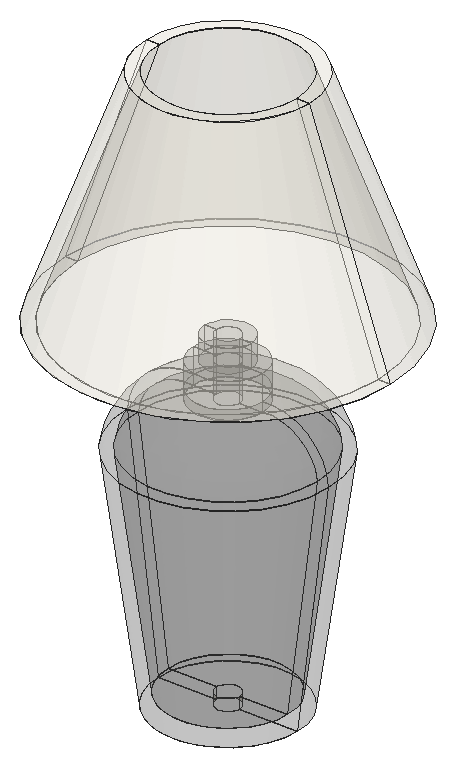
Revit family "M_Abajur de mesa - Padrão", category Luminárias, Revit 2019
Family settings
  Cota do conector redondo = Utilizar diâmetro
  Tipo de parte = Normal
  Número OmniClass = 23.80.70.11.11
  Título OmniClass = General Luminaries, Non Directional
  ID de item do Seek = Table Lamp - Standard-0000-CAN-ENU
  Com base no plano de trabalho = Não
  Sempre na vertical = Sim
  Corte com vazios quando carregada = Não
  Fonte luminosa = Sim
  Compartilhado = Não
  Ponto de cálculo do ambiente = Não
Parameters (values of type "100W - 120V")
  Wattage = 100 W
  built-in parameter 1150110 = 1 (stored number, unit not read)
  built-in parameter 1114217 = 1 (stored number, unit not read)
  built-in parameter 1150109 = 1 (stored number, unit not read)
  built-in parameter 1150134 = 4
  built-in parameter 1150113 = 1 (stored number, unit not read)
  Tilt Angle = 90.00°
  Arquivo de rede fotométrica = "TLAE1A21.ies"
  built-in parameter 1150115 = 1 (stored number, unit not read)
  built-in parameter 1150105 = 95.493 (stored number, unit not read)
  Classificação de carga = Iluminação - Unidade de interrupção
  built-in parameter 1150137 = 1
  built-in parameter 1150139 = (empty or 0)
  built-in parameter 1150112 = 1 (stored number, unit not read)
  built-in parameter 1150114 = 1 (stored number, unit not read)
  built-in parameter 1150132 = (empty or 0)
  built-in parameter 1150102 = (empty or 0)
  built-in parameter 1150138 = (empty or 0)
  built-in parameter 1150107 = 2800 (stored number, unit not read)
  built-in parameter 1150106 = 0.95493 (stored number, unit not read)
  built-in parameter 1150104 = 1.1148 (stored number, unit not read)
  Dimming Lamp Color Temperature Shift = (empty or 0)
  Color Filter = 16777215
  built-in parameter 1140040 [instance] = 1
  Voltagem do transformador = 120 V
  Transformador por número de postes = 1
  built-in parameter 1114218 = 1 (stored number, unit not read)
  built-in parameter 1150133 = 10 (stored number, unit not read)
  Código de montagem = "D5020220"
  Material base = Plástico, Preto Opaco
  Lâmpada = "R-30"
  Lumens = 1200 lm
  Material de sombra = Vidro, Jateado
  Wattage Comments = ""
  Carga aparente = 100 VA
Types (5, lengths in mm): name | Wattage | Arquivo de rede fotométrica | built-in parameter 1150105 | built-in parameter 1150106 | built-in parameter 1150104 | Voltagem do transformador | Lâmpada | Lumens | Carga aparente
  (no name) | 100 W | "TLAE1A21.ies" | 95.493 (stored number, unit not read) | 0.95493 (stored number, unit not read) | 1.1148 (stored number, unit not read) | 120 V | "R-30" | 1200 lm | 100 VA
  60W - 120V | 60 W | "TLAE1A19.ies" | 68.039 (stored number, unit not read) | 0.68039 (stored number, unit not read) | 1.3239 (stored number, unit not read) | 120 V | "A-19" | 855 lm | 60 VA
  60W - 277V | 60 W | "TLAE1A19.ies" | 68.039 (stored number, unit not read) | 0.68039 (stored number, unit not read) | 1.3239 (stored number, unit not read) | 277 V | "A-19" | 855 lm | 60 VA
  100W - 120V | 100 W | "TLAE1A21.ies" | 95.493 (stored number, unit not read) | 0.95493 (stored number, unit not read) | 1.1148 (stored number, unit not read) | 120 V | "R-30" | 1200 lm | 100 VA
  100W - 277V | 100 W | "TLAE1A21.ies" | 95.493 (stored number, unit not read) | 0.95493 (stored number, unit not read) | 1.1148 (stored number, unit not read) | 277 V | "R-30" | 1200 lm | 100 VA
Reference planes
  plane 1 "Eixo de origem da luz": y = 0
  plane 2: z = 0
  plane 3 "Eixo de origem da luz": x = 0
  plane 4 "Elevação da origem da luz": z = 482.6
Forms (mm)
  Revolve 1, solid, material "Plástico, Preto Opaco" <- "Material base"
    sketch origin (0, 0, 0) x (1, 0, 0) y (0, 0, 1)
      loop
        line (12.7, 0) -> (76.2, 0) -> (110.729, 251.66)
        arc (110.729, 251.66) -> (86.628, 296.269) -> (38.1, 310.962) r 66.562
        line (38.1, 310.962) -> (38.1, 300.415)
        arc (38.1, 300.415) -> (77.735, 289.414) -> (98.187, 253.725) r 54.117
        line (98.187, 253.725) -> (65.543, 12.7) -> (12.7, 12.7) -> (12.7, 0)
      axis (0, 0) -> (0, 310.962)
    angle from 0 to 360
  Revolve 2, solid, material "Plástico, Preto Opaco" <- "Material base"
    sketch origin (0, 0, 0) x (1, 0, 0) y (0, 0, 1)
      loop
        line (38.1, 300.415) -> (38.1, 338.515) -> (12.7, 338.515) -> (12.7, 300.415) -> (38.1, 300.415)
      axis (0, 338.515) -> (0, 300.415)
    angle from 0 to 360
  Revolve 3, solid, material "Plástico, Preto Opaco" <- "Material base"
    sketch origin (0, 0, 0) x (1, 0, 0) y (0, 0, 1)
      loop
        line (12.7, 338.515) -> (25.4, 338.515) -> (25.4, 363.915) -> (12.7, 363.915) -> (12.7, 338.515)
      axis (0, 363.915) -> (0, 338.515)
    angle from 0 to 360
  Revolve 4, solid, material "Vidro, Jateado" <- "Material de sombra"
    sketch origin (0, 0, 0) x (1, 0, 0) y (0, 0, 1)
      loop
        line (164.732, 376.823) -> (178.671, 376.823) -> (89.373, 622.168) -> (75.433, 622.168) -> (164.732, 376.823)
      axis (0, 622.168) -> (0, 376.823)
    angle from 0 to 360
Lines and regions (mm)
  symbolic lines
    curve 1: arc (178.671, 0, 0) -> (0, 178.671, 0) -> (-178.671, 0, 0) r 178.671
    curve 2: arc (-178.671, 0, 0) -> (0, -178.671, 0) -> (178.671, 0, 0) r 178.671
    curve 3: arc (89.373, 0, 0) -> (0, 89.373, 0) -> (-89.373, 0, 0) r 89.373
    curve 4: arc (-89.373, 0, 0) -> (0, -89.373, 0) -> (89.373, 0, 0) r 89.373
Dimensions and locks
  aligned and locked: imposter light to plane 3 "Eixo de origem da luz"
  aligned and locked: plane 1 "Eixo de origem da luz" to imposter light
  aligned and locked: plane 4 "Elevação da origem da luz" to imposter light
Connectors
  electrical at (0, 0, 622.168), driven by "Carga aparente", driven by "Voltagem do transformador", driven by "Transformador por número de postes", driven by "Classificação de carga"
    settings: on Revolve 4, index 1, voltage 120 V, apparent load 0 VA, apparent load phase1 100 VA, apparent load phase2 0 VA, apparent load phase3 0 VA, power factor 0.95, load classification "Iluminação - Unidade de interrupção", number of poles 1, system type 31, power factor state 1, is connector primary yes, connector utility no, sub classification motor no, connector description ""
